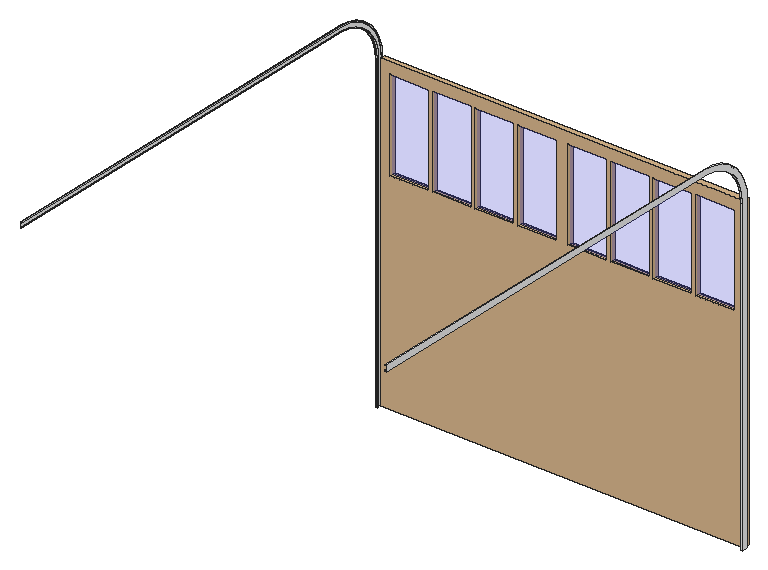
Revit family
Parameters (values of type "7Ft H x 8Ft W")
  Track Width = Width + 0' 2"  # 8' - 2"
  Track Height = Height + 1' 0"  # 8' - 0"
  Track Depth = 10' - 0"
  Track = Metal
  SmartBIM Object Version = 1  # constant formula
  SmartBIM Object Created By = "Reed Construction Data"  # constant formula
  Rough Width = 0' - 0"
  Rough Height = 0' - 0"
  Panel Thickness = 0' - 1 1/2"
  Manufacturer = ""
  Height = 7' - 0"
  Wall Closure = (empty or 0)
  Width = 8' - 0"
  Door Glass = Glass
  Door = Wood
  95 CSI = "08360"  # constant formula
  04 CSI = "08 36 13"  # constant formula
Types (3): name | Track Width | Width
  (no name) | 8' - 2" | 8' - 0"
  7Ft H x 8Ft W | 8' - 2" | 8' - 0"
  7Ft H x 16Ft W | 16' - 2" | 16' - 0"
Reference planes (in)
  plane 1 "Center (Front/Back)": y = 0
  plane 2 "Center (Left/Right)": x = 0
  plane 3 "Left": x = -48
  plane 4 "Right": x = 48
  plane 5 "Top": z = 84
  plane 6: x = -49
  plane 7: x = 49
  plane 8: y = -3.25
  plane 9: z = 29
  plane 10: z = 81
  plane 11: y = -2.5
  plane 12: y = -2.5
  plane 13 "Interior Edge": y = -3.25
  plane 14: y = -2.5
  plane 15 "Exterior Edge": y = -1.75
  plane 16: x = -24
  plane 17: x = 24
  plane 18: z = 3
  plane 19: z = 55
  plane 20: x = 12
  plane 21: x = 36
  plane 22: x = -36
  plane 23: x = -12
  plane 24: z = 56.5
  plane 25: y = -2.5
  plane 26: z = 53
  plane 27: z = 30
  plane 28: z = 28
  plane 29: z = 4
  plane 30: x = 1.5
  plane 31: x = -1.5
  plane 32: x = -46.5
  plane 33: x = 46.5
  plane 34: y = -2.75
Forms (in)
  Extrusion 1, solid, material "Wood" <- "Door"
    sketch origin (0, 0, 0) x (1, 0, 0) y (0, 0, 1)
      loop
        line (-49, 84) -> (-49, 0) -> (49, 0) -> (49, 84) -> (-49, 84)
      loop
        line (-36, 81) -> (-46.5, 81) -> (-46.5, 56.5) -> (-36, 56.5) -> (-36, 81)
      loop
        line (-24.5, 81) -> (-35, 81) -> (-35, 56.5) -> (-24.5, 56.5) -> (-24.5, 81)
      loop
        line (-13, 81) -> (-23.5, 81) -> (-23.5, 56.5) -> (-13, 56.5) -> (-13, 81)
      loop
        line (-1.5, 81) -> (-12, 81) -> (-12, 56.5) -> (-1.5, 56.5) -> (-1.5, 81)
      loop
        line (1.5, 81) -> (1.5, 56.5) -> (12, 56.5) -> (12, 81) -> (1.5, 81)
      loop
        line (13, 81) -> (13, 56.5) -> (23.5, 56.5) -> (23.5, 81) -> (13, 81)
      loop
        line (24.5, 81) -> (24.5, 56.5) -> (35, 56.5) -> (35, 81) -> (24.5, 81)
      loop
        line (36, 81) -> (36, 56.5) -> (46.5, 56.5) -> (46.5, 81) -> (36, 81)
    from 1.75 to 3.25
  Extrusion 2, solid, material "Glass" <- "Door Glass"
    sketch origin (0, -3.25, 0) x (1, 0, 0) y (0, 0, 1)
      loop
        line (-46.5, 56.5) -> (-36, 56.5) -> (-36, 81) -> (-46.5, 81) -> (-46.5, 56.5)
      loop
        line (-35, 56.5) -> (-24.5, 56.5) -> (-24.5, 81) -> (-35, 81) -> (-35, 56.5)
      loop
        line (-23.5, 56.5) -> (-13, 56.5) -> (-13, 81) -> (-23.5, 81) -> (-23.5, 56.5)
      loop
        line (-12, 56.5) -> (-1.5, 56.5) -> (-1.5, 81) -> (-12, 81) -> (-12, 56.5)
      loop
        line (1.5, 56.5) -> (12, 56.5) -> (12, 81) -> (1.5, 81) -> (1.5, 56.5)
      loop
        line (13, 81) -> (13, 56.5) -> (23.5, 56.5) -> (23.5, 81) -> (13, 81)
      loop
        line (24.5, 81) -> (24.5, 56.5) -> (35, 56.5) -> (35, 81) -> (24.5, 81)
      loop
        line (36, 81) -> (36, 56.5) -> (46.5, 56.5) -> (46.5, 81) -> (36, 81)
    from -1 to -0.5
Lines and regions (in)
  Opening 1
    outline origin (-90, -1.75, 0) x (1, 0, 0) y (0, 0, 1)
      loop
        line (42, 0) -> (138, 0) -> (138, 84) -> (42, 84) -> (42, 0)
  model lines
    curve 1: line (48, -1.75, 53) -> (48, -1.75, 30)
    curve 2: line (-1.5, -1.75, 50.04319) -> (-1.5, -1.75, 30)
    curve 3: line (-46.5, -1.75, 6.95681) -> (-46.5, -1.75, 50.04319)
    curve 4: line (43.78456, -1.75, 4) -> (4.21544, -1.75, 4)
    curve 5: line (46.5, -1.75, 50.04319) -> (46.5, -1.75, 6.95681)
    curve 6: line (1.5, -1.75, 6.95681) -> (1.5, -1.75, 50.04319)
    curve 7: line (43.78456, -1.75, 53) -> (4.21544, -1.75, 53)
    curve 12: line (24, -1.75, 25.54319) -> (4.21544, -1.75, 4)
    curve 13: line (43.78456, -1.75, 53) -> (24, -1.75, 31.45681)
    curve 14: line (4.21544, -1.75, 53) -> (24, -1.75, 31.45681)
    curve 15: line (24, -1.75, 25.54319) -> (43.78456, -1.75, 4)
    curve 16: line (1.5, -1.75, 50.04319) -> (21.28456, -1.75, 28.5)
    curve 17: line (46.5, -1.75, 50.04319) -> (26.71544, -1.75, 28.5)
    curve 18: line (46.5, -1.75, 6.95681) -> (26.71544, -1.75, 28.5)
    curve 19: line (1.5, -1.75, 6.95681) -> (21.28456, -1.75, 28.5)
    curve 20: line (-43.86779, -1.75, 4) -> (-4.21544, -1.75, 4)
    curve 21: line (-43.78456, -1.75, 53) -> (-4.21544, -1.75, 53)
    curve 22: line (-1.5, -1.75, 50.04319) -> (-1.5, -1.75, 6.95681)
    curve 23: line (-24, -1.75, 25.54319) -> (-4.21544, -1.75, 4)
    curve 24: line (-43.78456, -1.75, 53) -> (-24, -1.75, 31.45681)
    curve 25: line (-4.21544, -1.75, 53) -> (-24, -1.75, 31.45681)
    curve 26: line (-24, -1.75, 25.54319) -> (-43.86779, -1.75, 4)
    curve 27: line (-1.5, -1.75, 50.04319) -> (-21.28456, -1.75, 28.5)
    curve 28: line (-46.5, -1.75, 50.04319) -> (-26.71544, -1.75, 28.5)
    curve 29: line (-46.5, -1.75, 6.95681) -> (-26.71544, -1.75, 28.5)
    curve 30: line (-1.5, -1.75, 6.95681) -> (-21.28456, -1.75, 28.5)
    curve 31: line (-43.78456, -3.25, 53) -> (-24, -3.25, 31.45681)
    curve 32: line (-24, -3.25, 31.45681) -> (-4.21544, -3.25, 53)
    curve 33: line (-46.5, -3.25, 50.04319) -> (-26.71544, -3.25, 28.5)
    curve 34: line (-46.5, -3.25, 6.95681) -> (-46.5, -3.25, 50.04319)
    curve 35: line (-1.5, -3.25, 50.04319) -> (-21.28456, -3.25, 28.5)
    curve 36: line (-46.5, -3.25, 6.95681) -> (-26.71544, -3.25, 28.5)
    curve 37: line (-43.86779, -3.25, 4) -> (-24, -3.25, 25.54319)
    curve 38: line (-24, -3.25, 25.54319) -> (-4.21544, -3.25, 4)
    curve 39: line (-1.5, -3.25, 6.95681) -> (-21.28456, -3.25, 28.5)
    curve 40: line (-1.5, -3.25, 50.04319) -> (-1.5, -3.25, 6.95681)
    curve 41: line (1.5, -3.25, 6.95681) -> (21.28456, -3.25, 28.5)
    curve 42: line (1.5, -3.25, 50.04319) -> (1.5, -3.25, 6.95681)
    curve 43: line (4.21544, -3.25, 4) -> (43.78456, -3.25, 4)
    curve 44: line (26.71544, -3.25, 28.5) -> (46.5, -3.25, 6.95681)
    curve 45: line (43.78456, -3.25, 4) -> (24, -3.25, 25.54319)
    curve 46: line (24, -3.25, 25.54319) -> (4.21544, -3.25, 4)
    curve 47: line (4.21544, -3.25, 53) -> (24, -3.25, 31.45681)
    curve 48: line (24, -3.25, 31.45681) -> (43.78456, -3.25, 53)
    curve 49: line (1.5, -3.25, 50.04319) -> (21.28456, -3.25, 28.5)
    curve 50: line (4.21544, -3.25, 53) -> (43.78456, -3.25, 53)
    curve 51: line (46.5, -3.25, 50.04319) -> (46.5, -3.25, 6.95681)
    curve 52: line (26.71544, -3.25, 28.5) -> (46.5, -3.25, 50.04319)
    curve 53: line (-43.78456, -3.25, 53) -> (-4.21544, -3.25, 53)
    curve 54: line (-43.86779, -3.25, 4) -> (-4.21544, -3.25, 4)
  reference lines
    curve 8: line (1.5, -1.75, 53) -> (46.5, -1.75, 4)
    curve 9: line (46.5, -1.75, 53) -> (1.5, -1.75, 4)
    curve 10: line (-1.5, -1.75, 53) -> (-46.5, -1.75, 4)
    curve 11: line (-46.5, -1.75, 53) -> (-1.5, -1.75, 4)
Text (in)
  text "Exterior" at (-74.96733, 27.31104, 0), in view "Ref. Level"
  text "Interior" at (-76.69036, -30.31274, 0), in view "Ref. Level"
  text "Exterior" at (0, 40.15149, 123.01588), in view "Right"
  text "Interior" at (0, -64.39139, 123.01588), in view "Right"
  text "Interior" at (0, -31.01599, 123.00693), in view "Left"
  text "Exterior" at (0, 54.57065, 123.00693), in view "Left"
Dimensions and locks (in)
  equal spacing: plane 3 "Left", plane 2 "Center (Left/Right)", plane 4 "Right"
  "Width": plane 3 "Left" to plane 4 "Right"
  locked: plane 6 to plane 3 "Left" at 1
  locked: plane 4 "Right" to plane 7 at 1
  locked: plane 10 to plane 5 "Top" at 3
  plane 2 "Center (Left/Right)" to plane 4 "Right" = 4' - 0"
  plane 2 "Center (Left/Right)" to plane 3 "Left" = 4' - 0"
  host wall to plane 11 to plane 8 = 0' - 0 3/4", 0' - 0 3/4"
  equal spacing: plane 13 "Interior Edge", plane 14, plane 15 "Exterior Edge"
  "Panel Thickness": plane 15 "Exterior Edge" to plane 13 "Interior Edge"
  plane 5 "Top" to plane 10 = 0' - 3"
  equal spacing: plane 4 "Right", plane 21, plane 17, plane 20, plane 2 "Center (Left/Right)"
  equal spacing: plane 7, plane 2 "Center (Left/Right)", plane 6
  locked: plane 18 to level at 3
  locked: plane 6 to Extrusion 1 sketch curve at 2.5
  equal spacing: plane 3 "Left", plane 22, plane 16, plane 23, plane 2 "Center (Left/Right)"
  locked: plane 2 "Center (Left/Right)" to Extrusion 1 sketch curve at 1.5
  locked: plane 22 to Extrusion 1 sketch curve at 1
  locked: plane 23 to Extrusion 1 sketch curve at 1
  equal spacing: Extrusion 1 sketch curve, plane 16, Extrusion 1 sketch curve
  locked: Extrusion 1 sketch curve to plane 2 "Center (Left/Right)" at 1.5
  locked: Extrusion 1 sketch curve to plane 21 at 1
  locked: Extrusion 1 sketch curve to plane 20 at 1
  equal spacing: Extrusion 1 sketch curve, plane 17, Extrusion 1 sketch curve
  "Height": plane 5 "Top" to level
  locked: plane 24 to plane 19 at 1.5
  locked: Extrusion 1 sketch curve to plane 19 at 1.5
  equal spacing: Extrusion 2, plane 25, Extrusion 2
  locked: Extrusion 2 to Extrusion 2 at 0.5
  locked: plane 24 to plane 26 at 3.5
  locked: plane 27 to plane 28 at 2
  equal spacing: plane 27, plane 9, plane 28
  locked: plane 29 to plane 18 at 1
  locked: plane 5 "Top" to plane 24 at 27.5
  equal spacing: plane 19, plane 9, plane 18
  locked: plane 30 to plane 2 "Center (Left/Right)" at 1.5
  locked: plane 2 "Center (Left/Right)" to plane 31 at 1.5
  locked: plane 3 "Left" to plane 32 at 1.5
  locked: plane 33 to plane 4 "Right" at 1.5
  locked: curve 12 to curve 9 at 2
  locked: curve 9 to curve 19 at 2
  locked: curve 24 to curve 11 at 2
  locked: curve 11 to curve 28 at 2
  locked: curve 30 to curve 11 at 2
  locked: curve 11 to curve 23 at 2
  locked: curve 17 to curve 9 at 2
  locked: curve 9 to curve 13 at 2
  equal spacing: curve 27, curve 10, curve 25
  equal spacing: curve 23, curve 11, curve 30
  equal spacing: curve 24, curve 11, curve 28
  equal spacing: curve 12, curve 9, curve 19
  equal spacing: curve 17, curve 9, curve 13
  equal spacing: curve 15, curve 8, curve 18
  equal spacing: curve 14, curve 8, curve 16
  locked: curve 29 to curve 10 at 2
  locked: plane 34 to host wall at 1
  aligned and locked: plane 3 "Left" to Opening 1 sketch curve
  aligned and locked: plane 5 "Top" to Opening 1 sketch curve  (x2)
  aligned and locked: Opening 1 sketch curve to plane 4 "Right"
  aligned and locked: Opening 1 sketch curve to level
  aligned and locked: Extrusion 1 sketch curve to plane 6
  aligned and locked: Extrusion 1 sketch curve to plane 7
  aligned and locked: Extrusion 1 sketch curve to level
  aligned and locked: Extrusion 1 sketch curve to host wall
  aligned and locked: plane 11 to plane 12
  aligned and locked: host wall to plane 15 "Exterior Edge"
  aligned and locked: plane 12 to plane 14
  aligned and locked: plane 13 "Interior Edge" to Extrusion 1
  aligned and locked: Extrusion 1 to host wall
  aligned and locked: plane 10 to Extrusion 1 sketch curve
  aligned and locked: plane 22 to Extrusion 1 sketch curve
  aligned and locked: Extrusion 1 sketch curve to plane 23
  aligned and locked: Extrusion 1 sketch curve to plane 20
  aligned and locked: plane 21 to Extrusion 1 sketch curve
  aligned and locked: Extrusion 1 sketch curve to Extrusion 1 sketch curve  (x7)
  aligned and locked: Extrusion 2 sketch curve to Extrusion 1  (x32)
  aligned and locked: plane 25 to plane 14
  aligned and locked: curve 3 to plane 32
  aligned and locked: curve 6 to plane 30
  aligned and locked: curve 9 to curve 7
  aligned and locked: curve 4 to curve 9
  aligned and locked: plane 31 to curve 22
  aligned and locked: plane 26 to curve 21
  aligned and locked: curve 31 to curve 24
  aligned and locked: curve 32 to curve 25
  aligned and locked: curve 33 to curve 28
  aligned and locked: curve 3 to curve 34
  aligned and locked: curve 35 to curve 27
  aligned and locked: curve 36 to curve 29
  aligned and locked: curve 37 to curve 26
  aligned and locked: curve 38 to curve 23
  aligned and locked: curve 39 to curve 30
  aligned and locked: curve 41 to curve 19
  aligned and locked: curve 42 to curve 6
  aligned and locked: curve 43 to curve 4
  aligned and locked: curve 44 to curve 18
  aligned and locked: curve 45 to curve 15
  aligned and locked: curve 46 to curve 12
  aligned and locked: curve 47 to curve 14
  aligned and locked: curve 48 to curve 13
  aligned and locked: curve 49 to curve 16
  aligned and locked: curve 50 to curve 7
  aligned and locked: curve 52 to curve 17
  aligned and locked: curve 53 to curve 21
  aligned and locked: plane 29 to curve 54
  aligned and locked: plane 29 to curve 20
  aligned and locked: plane 34 to nested 1
Automatic sketch dimensions
  Extrusion 1 sketch curve to plane 10 = 0' - 0"  (x7)
  Extrusion 1 sketch curve to plane 16 = 0' - 0 1/2"
  plane 4 "Right" to Extrusion 1 sketch curve = 0' - 1 1/2"
  Extrusion 1 sketch curve to plane 17 = 0' - 0 1/2"
  curve 11 to plane 26 = 0' - 0"
  curve 11 to plane 32 = 0' - 0"
  curve 10 to plane 29 = 0' - 0"
  curve 10 to plane 32 = 0' - 0"
  curve 10 to plane 26 = 0' - 0"
  curve 10 to plane 31 = 0' - 0"
  curve 11 to plane 29 = 0' - 0"
  curve 11 to plane 31 = 0' - 0"
  curve 9 to plane 29 = 0' - 0"
  curve 9 to plane 30 = 0' - 0"
  curve 8 to plane 26 = 0' - 0"
  curve 8 to plane 30 = 0' - 0"
  curve 9 to plane 26 = 0' - 0"
  curve 9 to plane 33 = 0' - 0"
  curve 8 to plane 29 = 0' - 0"
  curve 8 to plane 33 = 0' - 0"
  curve 18 to plane 33 = 0' - 0"
  curve 1 to plane 4 "Right" = 0' - 0"
  curve 1 to plane 27 = 0' - 0"
  curve 1 to plane 26 = 0' - 0"
  curve 23 to plane 16 = 0' - 0"
  curve 25 to plane 16 = 0' - 0"
  curve 20 to plane 32 = 0' - 2.63221"
  curve 39 to plane 31 = 0' - 0"
  curve 2 to plane 27 = 0' - 0"
  plane 28 to curve 19 = 0' - 0 1/2"
  plane 28 to curve 18 = 0' - 0 1/2"
  curve 52 to plane 33 = 0' - 0"
  curve 27 to plane 9 = 0' - 0 1/2"
  curve 15 to plane 17 = 0' - 0"
  curve 13 to plane 17 = 0' - 0"
Nested families (in)
  nested 1: "Door Track" at (-0.5, -64.25, 0), Width <- "Track Width", Height <- "Track Height", Depth <- "Track Depth", type "Door Track"
    with Width 8' - 2", Height 8' - 0", Depth 10' - 0"
Definition of nested family "Door Track"
  Parameters
    Width [instance] = 10' - 0"
    Track = Metal
    Height [instance] = 11' - 0"
    Depth [instance] = 8' - 0"
  Reference planes (in)
    plane 1 "Center (Front/Back)": y = 0
    plane 2: z = 0
    plane 3 "Center (Left/Right)": x = 0.5
    plane 4 "Back": y = 48
    plane 5 "Front": y = -48
    plane 6 "Left": x = -59.5
    plane 7 "Right": x = 60.5
    plane 8 "Top": z = 132
    plane 9 "Center (Up/Down)": z = 66
    plane 10: y = 48.75
    plane 11: y = 49.5
  Forms (in)
    Sweep 1, solid, material "Metal" <- "Track"
      path origin (60.5, 60, 48) x (0, 1, 0) y (0, 0, 1)
        loop
          line (-12, -48) -> (-12, 72)
          arc (-12, 72) -> (-15.51472, 80.48528) -> (-24, 84) r 12
          line (-24, 84) -> (-108, 84)
      profile origin (60.5, -6, 132) x (0, 0, -1) y (1, 0, 0)
        loop
          line (-1.5, 0) -> (-1.375, 0) -> (-1.375, 0.375) -> (-0.125, 0.375) -> (-0.125, 0) -> (0, 0) -> (0, 0.5) -> (-1.5, 0.5) -> (-1.5, 0)
    Sweep 2, solid, material "Metal" <- "Track"
      path origin (-59.5, 60, 48) x (0, 1, 0) y (0, 0, 1)
        loop
          line (-12, -48) -> (-12, 72)
          arc (-12, 72) -> (-15.51472, 80.48528) -> (-24, 84) r 12
          line (-24, 84) -> (-108, 84)
      profile origin (-59.5, -6, 132) x (0, 0, -1) y (1, 0, 0)
        loop
          line (-1.5, 0) -> (-1.5, -0.5) -> (0, -0.5) -> (0, 0) -> (-0.125, 0) -> (-0.125, -0.375) -> (-1.375, -0.375) -> (-1.375, 0) -> (-1.5, 0)
  Dimensions and locks (in)
    equal spacing: plane 6 "Left", plane 3 "Center (Left/Right)", plane 7 "Right"
    "Width": plane 6 "Left" to plane 7 "Right"
    equal spacing: plane 4 "Back", plane 1 "Center (Front/Back)", plane 5 "Front"
    "Depth": plane 4 "Back" to plane 5 "Front"
    "Height": plane 8 "Top" to plane 2
    equal spacing: plane 8 "Top", plane 9 "Center (Up/Down)", level
    locked: Sweep 2 sketch curve to Sweep 2 sketch curve at 0.125  (x3)
    locked: Sweep 2 sketch curve to Sweep 2 sketch curve at 0.5  (x2)
    locked: Sweep 2 sketch curve to Sweep 2 sketch curve at 1.5
    locked: Sweep 1 sketch curve to Sweep 1 sketch curve at 0.5  (x2)
    locked: Sweep 1 sketch curve to Sweep 1 sketch curve at 0.125  (x3)
    locked: Sweep 1 sketch curve to Sweep 1 sketch curve at 1.5
    equal spacing: plane 4 "Back", plane 10, plane 11
    locked: plane 10 to plane 11 at 0.75
    radius of Sweep 1 sketch curve = 1' - 0"
    radius of Sweep 2 sketch curve = 1' - 0"
    aligned and locked: plane 8 "Top" to Sweep 1 sketch curve  (x2)
    aligned and locked: plane 5 "Front" to Sweep 1 sketch curve
    aligned and locked: plane 4 "Back" to Sweep 1 sketch curve
    aligned and locked: plane 4 "Back" to Sweep 2 sketch curve
    aligned and locked: plane 5 "Front" to Sweep 2 sketch curve
    aligned and locked: level to Sweep 2 sketch curve
    aligned and locked: Sweep 2 sketch curve to profile plane  (x2)
    aligned and locked: Sweep 1 sketch curve to profile plane
    aligned and locked: plane 11 to Sweep 1
  Automatic sketch dimensions
    Sweep 1 sketch curve to level = 0' - 0"
    Sweep 2 sketch curve to plane 8 "Top" = 0' - 0"
